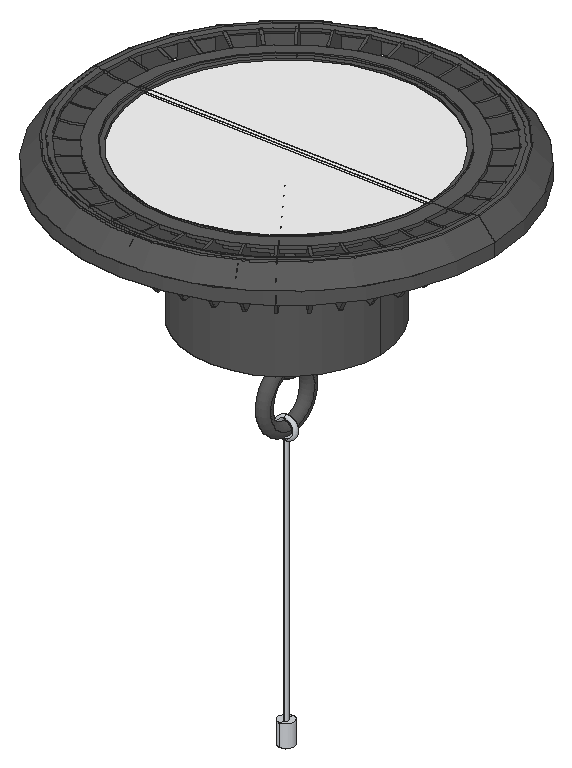
Revit family "0039365 Sylvania Lighting Fixture START HighBay IP65 DALI 13000lm 840 WB pendant", category Lighting Fixtures, host Face, Revit 2017
Family settings
  Host = Face
  Round Connector Dimension = Use Diameter
  Part Type = Normal
  OmniClass Number = 23.80.70.00
  OmniClass Title = Lighting
  Cut with Voids When Loaded = No
  Light Source = Yes
  Shared = No
  Room Calculation Point = No
Parameters (values of type "0039365 START HighBay IP65 DALI 13000lm 840 WB")
  WidthStraight_FEILO = if(SizeS_FEILO, 3 mm, if(SizeM_FEILO, 4 mm, 4.7 mm))  # 3 mm
  WidthRingChamfer_FEILO = if(SizeS_FEILO, 10.3 mm, if(SizeM_FEILO, 11.2 mm, 12.9 mm))  # 10.3 mm
  WidthCurved_FEILO = if(SizeS_FEILO, 17.4 mm, if(SizeM_FEILO, 16.4 mm, 26.2 mm))  # 17.4 mm
  WidthCurvedRing_FEILO = if(SizeS_FEILO, 3 mm, if(SizeM_FEILO, 4 mm, 4.7 mm))  # 3 mm
  WidthBracket_FEILO = 40 mm
  Weight = "3.0 kg"
  Wattage Comments = ""
  Wattage = 90 W
  WarrantyStartDate [instance] = "n/a"
  WarrantyGuarantorParts = "n/a"
  WarrantyDurationUnit = "n/a"
  WarrantyDurationParts = "n/a"
  WarrantyDescription = "n/a"
  built-in parameter 1150110 = 1 (stored number, unit not read)
  Voltage = 0 V
  VisibilityBracket_FEILO = no
  URL = "http://www.sylvania-lighting.com"
  TypeName = "START HighBay IP65 DALI 13000lm 840 WB"
  Type Image = <None>
  Type Comments = "n/a"
  built-in parameter 1114217 = 1 (stored number, unit not read)
  Tilt Angle = -90.00°
  ThicknessWall_FEILO = 1.5 mm
  ThicknessBracket_FEILO = 1.5 mm
  ThicknessBracketHalf_FEILO = ThicknessBracket_FEILO / 2  # 0.75 mm
  built-in parameter 1150109 = 1 (stored number, unit not read)
  built-in parameter 1150134 = 1
  SuspensionHeight_FEILO [instance] = 350 mm
  built-in parameter 1150113 = 1 (stored number, unit not read)
  SizeS_FEILO = yes
  SizeM_FEILO = no
  SerialNumber [instance] = "n/a"
  Rib4_FEILO = if(SizeS_FEILO, 18.1 mm, if(SizeM_FEILO, 13.6 mm, 14.6 mm))  # 18.1 mm
  Rib3_FEILO = if(SizeS_FEILO, 15.3 mm, if(SizeM_FEILO, 17.6 mm, 20.2 mm))  # 15.3 mm
  Rib2_FEILO = if(SizeS_FEILO, 3.6 mm, if(SizeM_FEILO, 3.9 mm, 4.5 mm))  # 3.6 mm
  Rib1_FEILO = if(SizeS_FEILO, 15.1 mm, if(SizeM_FEILO, 16.5 mm, 19 mm))  # 15.1 mm
  RadiusDiffuser_FEILO = if(SizeS_FEILO, 95.2 mm, if(SizeM_FEILO, 105.3 mm, 120 mm))  # 95.2 mm
  RadiusArrayPost_FEILO = DriverRadius_FEILO - 6 mm  # 55.4 mm
  RHRadius3_FEILO = if(SizeS_FEILO, 6.6 mm, if(SizeM_FEILO, 7.4 mm, 8.6 mm))  # 6.6 mm
  RHRadius2_FEILO = if(SizeS_FEILO, 11 mm, if(SizeM_FEILO, 12 mm, 14 mm))  # 11 mm
  RHRadius1_FEILO = if(SizeS_FEILO, 13.6 mm, if(SizeM_FEILO, 14.9 mm, 17.7 mm))  # 13.6 mm
  RHHeight4_FEILO = if(SizeS_FEILO, 7.3 mm, if(SizeM_FEILO, 8 mm, 9.2 mm))  # 7.3 mm
  RHHeight3_FEILO = if(SizeS_FEILO, 3.6 mm, if(SizeM_FEILO, 3.7 mm, 4.6 mm))  # 3.6 mm
  RHHeight2_FEILO = if(SizeS_FEILO, 2 mm, if(SizeM_FEILO, 2.2 mm, 2.6 mm))  # 2 mm
  RHHeight1_FEILO = if(SizeS_FEILO, 11.8 mm, if(SizeM_FEILO, 15.3 mm, 17.4 mm))  # 11.8 mm
  Photometric Web File = "0039365.ies"
  Material_3_FEILO = LED-Sylvania-StartHighbay-Glow
  PowerFactor = 0.95
  PowerConsumption = "90 W"
  NominalLength = 270 mm
  NominalHeight = 175 mm
  NominalDepth = 270 mm
  Name = "START HighBay IP65 DALI 13000lm 840 WB"
  ModelReference = Name  # "START HighBay IP65 DALI 13000lm 840 WB"
  ModelNumber = "0039365"
  Model = Name  # "START HighBay IP65 DALI 13000lm 840 WB"
  Material = "aluminium alloy housing, polycarbonate diffuser"
  ManufacturerName = "Feilo Sylvania"
  Manufacturer = "Feilo Sylvania"
  LuminousEfficacy = "130 lm/W"
  built-in parameter 1150105 = 931.06 (stored number, unit not read)
  Lumens = 11700 lm
  LuminaireType = ""
  built-in parameter 1150115 = 1 (stored number, unit not read)
  LightOutputRatio = "n/a"
  built-in parameter 1150137 = (empty or 0)
  built-in parameter 1150139 = (empty or 0)
  LampsType = Lamp  # "LED"
  LampNominalLuminous = "11700 lm"
  LampMacAdamStep = "6"
  LampColourTemperature = "6500 K"
  LampColourRenderingIndex = "80"
  built-in parameter 1150112 = 1 (stored number, unit not read)
  built-in parameter 1150114 = 1 (stored number, unit not read)
  Lamp = "LED"
  Keynote = "16500"
  InstallationDate [instance] = "n/a"
  InputVoltage = "n/a"
  InputNominalFrequency = "50/60 Hz"
  built-in parameter 1150132 = (empty or 0)
  built-in parameter 1150102 = (empty or 0)
  built-in parameter 1150107 = 6500 (stored number, unit not read)
  built-in parameter 1150138 = (empty or 0)
  IngressProtection = "IP65"
  ImpactProtectionIndex = "IK08"
  built-in parameter 1150106 = 9.3106 (stored number, unit not read)
  IfcExportType = "IfcLightFixtureType"
  IfcExportAs = "IfcLightFixtureType"
  HeightRing_FEILO = if(SizeS_FEILO, 19.8 mm, if(SizeM_FEILO, 32 mm, 36.8 mm))  # 19.8 mm
  HeightRingChamfer_FEILO = if(SizeS_FEILO, 11.7 mm, if(SizeM_FEILO, 23.2 mm, 26.6 mm))  # 11.7 mm
  EyeThickness_FEILO = if(SizeS_FEILO, 8.4 mm, if(SizeM_FEILO, 9.2 mm, 10.5 mm))  # 8.4 mm
  EyeThicknessHalf_FEILO = EyeThickness_FEILO / 2  # 4.2 mm
  EyeInner_FEILO = if(SizeS_FEILO, 13.8 mm, if(SizeM_FEILO, 15.1 mm, 17.3 mm))  # 13.8 mm
  ExpectedLife = 50000
  Emit from Circle Diameter = RadiusDiffuser_FEILO * 2  # 190.4 mm
  Emit Shape Visible in Rendering = no
  ElectricShockClassification = "Class I"
  built-in parameter 1150104 = 12.077 (stored number, unit not read)
  DurationUnit = "hours"
  DriverVerticalStraight_FEILO = if(SizeS_FEILO, 46.5 mm, if(SizeM_FEILO, 49.7 mm, 57 mm))  # 46.5 mm
  DriverVerticalChamfer_FEILO = if(SizeS_FEILO, 7.5 mm, if(SizeM_FEILO, 8.2 mm, 9.5 mm))  # 7.5 mm
  DriverRadius_FEILO = if(SizeS_FEILO, 61.4 mm, if(SizeM_FEILO, 67.2 mm, 76.4 mm))  # 61.4 mm
  DriverRadiusTop_FEILO = if(SizeS_FEILO, 42 mm, if(SizeM_FEILO, 45.3 mm, 52.4 mm))  # 42 mm
  DriverBottom_FEILO = if(SizeS_FEILO, 56 mm, if(SizeM_FEILO, 64.5 mm, 74 mm))  # 56 mm
  DocumentationLiterature = "http://www.sylvania-lighting.com/product/en-int/products/0039365"
  DimmingControlOptions = "Dimmable"
  Material_2_FEILO = Diffuser-Sylvania-StartHighbay-Transparent
  Radius_FEILO = if(SizeS_FEILO, 135 mm, if(SizeM_FEILO, 148 mm, 169.5 mm))  # 135 mm
  Dimming Lamp Color Temperature Shift = <None>
  DiameterWire_FEILO = 3 mm
  DiameterWireSupport_FEILO = 10 mm
  Description = "START Highbay, includes 1 m cables, black aluminium housing, 11,700 Lm, 90 W, 130 Lm/W, 6500 K, drive current: 2000 mA, CRI 80, 90° beam angle, DALI dimmable, IP65, IK08, 50,000 hrs (L80/B50), (D x H) 270 x 175 mm."
  Default Elevation = 1219.2 mm
  CreatedOn = "5/15/2018"
  CreatedBy = ""
  Cost = 0
  Color Filter = 16777215
  built-in parameter 1114216 [instance] = (empty or 0)
  ClassificationValue = "EF_70_80"
  ClassificationName = "Uniclass2015"
  Material_1_FEILO = Body-Sylvania-StartHighbay-Black
  BarCode [instance] = "n/a"
  built-in parameter 1114218 = 1 (stored number, unit not read)
  built-in parameter 1150133 = 10 (stored number, unit not read)
  AssetType = "Fixed"
  AssetIdentifier [instance] = "n/a"
  Assembly Code = "D5020200"
  Apparent Load = 90 VA
  Material_4_FEILO = none
Reference planes
  plane 1 "Center (Front/Back)": y = 0
  plane 2: z = 0
  plane 3 "Center (Left/Right)": x = 0
  plane 4: z = 350
  plane 5: x = -135
  plane 6: x = -124.7
  plane 7: z = 338.3
  plane 8: z = 330.2
  plane 9: x = -121.7
  plane 10: z = 347.375
  plane 11: x = -104.3
  plane 12: x = -95.2
  plane 13: x = -118.7
  plane 14: z = 348.375
  plane 15: z = 346.375
  plane 16: x = -92.2
  plane 17: z = 345.375
  plane 18: x = -133.5
  plane 19: x = -119.9
  plane 20: z = 326.6
  plane 21: x = -104.6
  plane 22: z = 308.5
  plane 23: x = -20
  plane 24: z = 294
  plane 25: x = -61.4
  plane 26: z = 247.5
  plane 27: x = -42
  plane 28: z = 240
  plane 29: x = -13.6
  plane 30: z = 228.2
  plane 31: z = 226.2
  plane 32: x = -11
  plane 33: z = 222.6
  plane 34: z = 215.3
  plane 35: x = -6.6
  plane 36: z = 201.5
  plane 37: z = 187.7
  plane 38: x = 4.2
  plane 39: x = -4.2
  plane 40: z = 179.3
  plane 41: z = 183.5
  plane 42: x = -129.1
  plane 43: x = -132.5
  plane 44: z = 328.7
  plane 45: x = -123.2
  plane 46: z = 270.75
  plane 47: y = -20
  plane 48: y = 20
  plane 49: x = 135
  plane 50: x = 124.7
  plane 51: x = 133.5
  plane 52: x = 129.1
  plane 53: x = 132.5
  plane 54: x = 123.2
  plane 55: z = 190.7
  plane 56: y = 1.5
  plane 57: y = -1.5
  plane 58: z = 189.2
  plane 59: z = 177.8
  plane 60: z = 176.3
  plane 61: y = -5
  plane 62: y = 5
  plane 63: z = 14
Forms (mm)
  Revolve 1, solid, material "Body-Sylvania-StartHighbay-Black" <- "Material_1_FEILO", detail levels medium+fine
    sketch origin (0, 0, 0) x (1, 0, 0) y (0, 0, 1)
      loop
        line (-135, 330.2) -> (-133.5, 330.2) -> (-133.5, 337.734) -> (-125.012, 347.375) -> (-118.7, 347.375) -> (-118.7, 349.16)
        arc (-118.7, 349.16) -> (-120.206, 349.56) -> (-121.7, 350) r 58.981
        line (-121.7, 350) -> (-124.241, 350)
        arc (-124.241, 350) -> (-124.657, 349.911) -> (-124.999, 349.66) r 1.015
        line (-124.999, 349.66) -> (-135, 338.3) -> (-135, 330.2)
      axis (0, 350) -> (0, 330.2)
    angle from 360 to 0
  Revolve 2, solid, material "Body-Sylvania-StartHighbay-Black" <- "Material_1_FEILO", detail levels medium+fine
    sketch origin (0, 0, 0) x (1, 0, 0) y (0, 0, 1)
      loop
        line (-104.3, 345.375) -> (-95.2, 345.375) -> (-95.2, 338.3) -> (0, 338.3) -> (0, 345.375) -> (-92.2, 345.375) -> (-92.2, 346.375) -> (-95.2, 346.375) -> (-95.2, 347.375) -> (-104.3, 347.375) -> (-104.3, 345.375)
      axis (0, 347.375) -> (0, 338.3)
    angle from 360 to 0
  Revolve 3, solid, material "Diffuser-Sylvania-StartHighbay-Transparent" <- "Material_2_FEILO", detail levels medium+fine
    sketch origin (0, 0, 0) x (1, 0, 0) y (0, 0, 1)
      loop
        line (-95.2, 346.375) -> (0, 346.375) -> (0, 348.375) -> (-95.2, 348.375) -> (-95.2, 346.375)
      axis (0, 348.375) -> (0, 346.375)
    angle from 360 to 0
  Revolve 4, solid, material "Body-Sylvania-StartHighbay-Black" <- "Material_1_FEILO"
    sketch origin (0, 0, 0) x (1, 0, 0) y (0, 0, 1)
      loop
        line (-61.4, 308.5) -> (-61.4, 247.5) -> (-42, 240) -> (-13.6, 240) -> (-13.6, 228.2) -> (-11, 226.2) -> (-11, 222.6) -> (-7.037, 216.026)
        arc (-7.037, 216.026) -> (-6.49, 215.494) -> (-5.753, 215.3) r 1.5
        line (-5.753, 215.3) -> (0, 215.3) -> (0, 308.5) -> (-61.4, 308.5)
      axis (0, 308.5) -> (0, 215.3)
    angle from 360 to 0
  Revolve 5, solid, material "Body-Sylvania-StartHighbay-Black" <- "Material_1_FEILO"
    sketch origin (0, 0, 0) x (1, 0, 0) y (0, 0, 1)
      loop
        circle (0, 183.5) r 4.2
      axis (4.2, 201.5) -> (-4.2, 201.5)
    angle from 360 to 0
  Extrusion 6, solid, material "Body-Sylvania-StartHighbay-Black" <- "Material_1_FEILO", visible <- "VisibilityBracket_FEILO"
    sketch origin (0, 0, 0) x (1, 0, 0) y (0, 0, 1)
      loop
        line (-132.5, 330.2) -> (-132.5, 328.7) -> (-125.45, 328.7)
        arc (-125.45, 328.7) -> (-124.92, 328.48) -> (-124.7, 327.95) r 0.75
        line (-124.7, 327.95) -> (-124.7, 270.75) -> (-123.2, 270.75) -> (-123.2, 328.7)
        arc (-123.2, 328.7) -> (-123.639, 329.761) -> (-124.7, 330.2) r 1.5
        line (-124.7, 330.2) -> (-132.5, 330.2)
      loop
        line (132.5, 330.2) -> (124.7, 330.2)
        arc (124.7, 330.2) -> (123.639, 329.761) -> (123.2, 328.7) r 1.5
        line (123.2, 328.7) -> (123.2, 270.75) -> (124.7, 270.75) -> (124.7, 327.95)
        arc (124.7, 327.95) -> (124.92, 328.48) -> (125.45, 328.7) r 0.75
        line (125.45, 328.7) -> (132.5, 328.7) -> (132.5, 330.2)
    from -20 to 20
  Extrusion 7, void
    sketch origin (0, 0, 0) x (0, 1, 0) y (0, 0, 1)
      loop
        arc (-10, 270.75) -> (-17.071, 273.679) -> (-20, 280.75) r 10
        line (-20, 280.75) -> (-25, 280.75) -> (-25, 265.75) -> (-10, 265.75) -> (-10, 270.75)
      loop
        line (10, 270.75) -> (10, 265.75) -> (25, 265.75) -> (25, 280.75) -> (20, 280.75)
        arc (20, 280.75) -> (17.071, 273.679) -> (10, 270.75) r 10
    from -124.7 to 124.7
  Revolve 8, solid, material "Body-Sylvania-StartHighbay-Black" <- "Material_1_FEILO", detail levels coarse
    sketch origin (0, 0, 0) x (1, 0, 0) y (0, 0, 1)
      loop
        line (0, 350) -> (-124.7, 350) -> (-135, 338.3) -> (-135, 330.2) -> (-119.9, 330.2) -> (-119.9, 326.6) -> (-104.6, 308.5) -> (0, 308.5) -> (0, 350)
      axis (0, 350) -> (0, 308.5)
    angle from 360 to 0
  Revolve 9, solid
    sketch origin (0, 0, 0) x (0, 1, 0) y (0, 0, 1)
      loop
        circle (0, 189.2) r 1.5
      axis (1.5, 183.5) -> (-1.5, 183.5)
    angle from 360 to 0
  Revolve 10, solid
    sketch origin (0, 0, 0) x (0, 1, 0) y (0, 0, 1)
      loop
        line (0, 0) -> (0, 177.8) -> (-1.5, 177.8) -> (-1.5, 14) -> (-5, 14) -> (-5, 0) -> (0, 0)
      axis (0, 0) -> (0, 177.8)
    angle from 360 to 0
Cuts and joins
  Extrusion 7 cuts Extrusion 6
Lines and regions (mm)
  reference lines
    curve 1: line (-135, 0, 338.3) -> (-124.7, 0, 350)
    curve 2: line (-104.3, 0, 347.375) -> (0, 0, 347.375)
    curve 3: arc (-104.3, 0, 347.375) -> (-113.098, 0, 348.035) -> (-121.7, 0, 350) r 58.981
    curve 4: line (-124.7, 0, 350) -> (-121.7, 0, 350)
    curve 5: line (-125.012, 0, 347.375) -> (-133.5, 0, 337.734)
    curve 6: line (-119.9, 0, 326.6) -> (-104.6, 0, 308.5)
    curve 7: line (-11, 0, 222.6) -> (-6.6, 0, 215.3)
    curve 8: circle (0, 0, 183.5) r 4.2 normal (0, -1, 0)
Dimensions and locks
  "Radius_FEILO": plane 3 "Center (Left/Right)" to plane 5
  "WidthRingChamfer_FEILO": plane 6 to plane 5
  "WidthStraight_FEILO": plane 9 to plane 6
  "WidthCurvedRing_FEILO": plane 13 to plane 9
  locked: plane 10 to plane 15 at 1
  locked: plane 14 to plane 10 at 1
  locked: plane 4 to plane 10 at 2.625
  locked: plane 15 to plane 17 at 1
  "ThicknessWall_FEILO": plane 18 to plane 5
  "ThicknessWall_FEILO": curve 5 to curve 1
  "HeightRingChamfer_FEILO": plane 4 to plane 7
  "HeightRing_FEILO": plane 4 to plane 8
  "RadiusDiffuser_FEILO": plane 3 "Center (Left/Right)" to plane 12
  locked: plane 16 to plane 12 at 3
  "WidthCurved_FEILO": plane 11 to plane 9
  "SuspensionHeight_FEILO": plane 4 to plane 2
  "Rib1_FEILO": plane 19 to plane 5
  "Rib2_FEILO": plane 8 to plane 20
  "Rib3_FEILO": plane 21 to plane 19
  "Rib4_FEILO": plane 20 to plane 22
  locked: plane 3 "Center (Left/Right)" to plane 23 at 20
  "DriverBottom_FEILO": plane 4 to plane 24
  "DriverRadius_FEILO": plane 3 "Center (Left/Right)" to plane 25
  "DriverVerticalStraight_FEILO": plane 24 to plane 26
  "DriverRadiusTop_FEILO": plane 3 "Center (Left/Right)" to plane 27
  "DriverVerticalChamfer_FEILO": plane 26 to plane 28
  "RHRadius1_FEILO": plane 3 "Center (Left/Right)" to plane 29
  "RHHeight2_FEILO": plane 30 to plane 31
  "RHRadius2_FEILO": plane 3 "Center (Left/Right)" to plane 32
  "RHHeight3_FEILO": plane 31 to plane 33
  "RHHeight4_FEILO": plane 33 to plane 34
  "RHRadius3_FEILO": plane 3 "Center (Left/Right)" to plane 35
  "RHHeight1_FEILO": plane 28 to plane 30
  "EyeInner_FEILO": plane 34 to plane 36
  "EyeInner_FEILO": plane 36 to plane 37
  equal spacing: plane 38, plane 3 "Center (Left/Right)", plane 39
  "EyeThickness_FEILO": plane 38 to plane 39
  "EyeThickness_FEILO": plane 37 to plane 40
  equal spacing: plane 37, plane 41, plane 40
  equal spacing: plane 6, plane 42, plane 18
  "ThicknessBracket_FEILO": plane 45 to plane 6
  "ThicknessBracket_FEILO": plane 8 to plane 44
  locked: plane 43 to plane 18 at 1
  equal spacing: plane 24, plane 46, plane 26
  equal spacing: plane 47, plane 1 "Center (Front/Back)", plane 48
  "WidthBracket_FEILO": plane 47 to plane 48
  "WidthRingChamfer_FEILO": plane 50 to plane 49
  "ThicknessWall_FEILO": plane 51 to plane 49
  equal spacing: plane 50, plane 52, plane 51
  "ThicknessBracket_FEILO": plane 54 to plane 50
  locked: plane 53 to plane 51 at 1
  "Radius_FEILO": plane 49 to plane 3 "Center (Left/Right)"
  equal spacing: plane 57, imposter light, plane 56
  "DiameterWire_FEILO": plane 57 to plane 56
  "DiameterWire_FEILO": plane 37 to plane 55
  equal spacing: plane 37, plane 58, plane 55
  "DiameterWire_FEILO": plane 60 to plane 40
  equal spacing: plane 60, plane 59, plane 40
  equal spacing: plane 61, plane 1 "Center (Front/Back)", plane 62
  "DiameterWireSupport_FEILO": plane 61 to plane 62
  locked: plane 63 to plane 2 at 14
  "EyeThicknessHalf_FEILO": radius of curve 8
  "ThicknessBracket_FEILO": radius of Extrusion 6 sketch curve  (x2)
  "ThicknessBracketHalf_FEILO": radius of Extrusion 6 sketch curve  (x2)
  "DiameterWire_FEILO": diameter of Revolve 9 sketch curve
  aligned and locked: plane 2 to host face
  aligned and locked: level to host face
  aligned and locked: plane 5 to curve 1
  aligned and locked: plane 6 to curve 1
  aligned and locked: plane 7 to curve 1
  aligned and locked: plane 10 to curve 2
  aligned and locked: plane 9 to curve 3
  aligned and locked: plane 4 to curve 3
  aligned and locked: plane 11 to curve 3
  aligned and locked: plane 4 to curve 4
  aligned and locked: plane 18 to curve 5
  aligned and locked: plane 10 to curve 5
  aligned and locked: Revolve 1 sketch curve to plane 3 "Center (Left/Right)"
  aligned and locked: Revolve 1 sketch curve to curve 3
  aligned and locked: Revolve 1 sketch curve to curve 1
  aligned and locked: plane 4 to Revolve 1 sketch curve
  aligned and locked: plane 9 to Revolve 1 sketch curve
  aligned and locked: Revolve 1 sketch curve to plane 13
  aligned and locked: Revolve 1 sketch curve to plane 10
  aligned and locked: plane 13 to Revolve 1 sketch curve
  aligned and locked: plane 10 to Revolve 1 sketch curve
  aligned and locked: Revolve 1 sketch curve to plane 18
  aligned and locked: Revolve 1 sketch curve to plane 8
  aligned and locked: plane 5 to Revolve 1 sketch curve  (x2)
  aligned and locked: Revolve 2 sketch curve to plane 3 "Center (Left/Right)"
  aligned and locked: plane 11 to Revolve 2 sketch curve
  aligned and locked: Revolve 2 sketch curve to curve 2
  aligned and locked: plane 15 to Revolve 2 sketch curve
  aligned and locked: Revolve 2 sketch curve to plane 16
  aligned and locked: plane 17 to Revolve 2 sketch curve  (x2)
  aligned and locked: Revolve 2 sketch curve to plane 12
  aligned and locked: plane 7 to Revolve 2 sketch curve
  aligned and locked: Revolve 3 sketch curve to plane 3 "Center (Left/Right)"
  aligned and locked: Revolve 3 sketch curve to plane 14
  aligned and locked: plane 3 "Center (Left/Right)" to Revolve 3 sketch curve
  aligned and locked: Revolve 3 sketch curve to plane 12
  aligned and locked: plane 15 to Revolve 3 sketch curve
  aligned and locked: Revolve 1 sketch curve to curve 5
  aligned and locked: plane 22 to curve 6
  aligned and locked: plane 21 to curve 6
  aligned and locked: plane 20 to curve 6
  aligned and locked: plane 19 to curve 6
  aligned and locked: plane 33 to curve 7
  aligned and locked: plane 32 to curve 7
  aligned and locked: plane 35 to curve 7
  aligned and locked: plane 34 to curve 7
  aligned and locked: Revolve 4 sketch curve to plane 3 "Center (Left/Right)"
  aligned and locked: Revolve 4 sketch curve to plane 25
  aligned and locked: plane 27 to Revolve 4 sketch curve
  aligned and locked: plane 28 to Revolve 4 sketch curve
  aligned and locked: plane 30 to Revolve 4 sketch curve
  aligned and locked: Revolve 4 sketch curve to plane 29
  aligned and locked: plane 31 to Revolve 4 sketch curve
  aligned and locked: Revolve 4 sketch curve to curve 7
  aligned and locked: Revolve 4 sketch curve to plane 32
  aligned and locked: plane 34 to Revolve 4 sketch curve
  aligned and locked: plane 3 "Center (Left/Right)" to Revolve 4 sketch curve
  aligned and locked: plane 3 "Center (Left/Right)" to curve 8
  aligned and locked: plane 41 to curve 8
  aligned and locked: Revolve 5 sketch curve to plane 36
  aligned and locked: Revolve 5 sketch curve to curve 8
  aligned and locked: plane 43 to Extrusion 6 sketch curve  (x2)
  aligned and locked: plane 8 to Extrusion 6 sketch curve  (x3)
  aligned and locked: Extrusion 6 sketch curve to plane 45
  aligned and locked: Extrusion 6 sketch curve to plane 46  (x2)
  aligned and locked: plane 6 to Extrusion 6 sketch curve
  aligned and locked: Extrusion 6 sketch curve to plane 44  (x2)
  aligned and locked: Extrusion 6 to plane 48
  aligned and locked: plane 47 to Extrusion 6
  aligned and locked: plane 53 to Extrusion 6 sketch curve
  aligned and locked: plane 50 to Extrusion 6 sketch curve
  aligned and locked: Extrusion 6 sketch curve to plane 54
  aligned and locked: Extrusion 7 sketch curve to Extrusion 7 sketch curve
  aligned and locked: Extrusion 7 to plane 6
  aligned and locked: Extrusion 7 to Extrusion 6
  aligned and locked: Revolve 4 sketch curve to plane 22
  aligned and locked: plane 23 to nested 1
  aligned and locked: plane 1 "Center (Front/Back)" to nested 1
  aligned and locked: Revolve 8 sketch curve to plane 3 "Center (Left/Right)"
  aligned and locked: Revolve 8 sketch curve to plane 4
  aligned and locked: plane 6 to Revolve 8 sketch curve
  aligned and locked: plane 4 to Revolve 8 sketch curve
  aligned and locked: plane 7 to Revolve 8 sketch curve
  aligned and locked: Revolve 8 sketch curve to plane 5
  aligned and locked: plane 8 to Revolve 8 sketch curve  (x2)
  aligned and locked: Revolve 8 sketch curve to plane 19
  aligned and locked: plane 20 to Revolve 8 sketch curve
  aligned and locked: plane 19 to Revolve 8 sketch curve
  aligned and locked: plane 21 to Revolve 8 sketch curve
  aligned and locked: plane 22 to Revolve 8 sketch curve  (x2)
  aligned and locked: Revolve 8 sketch curve to Revolve 8 sketch curve
  aligned and locked: imposter light to plane 4
  aligned and locked: plane 3 "Center (Left/Right)" to imposter light
  aligned and locked: imposter light to plane 1 "Center (Front/Back)"
  aligned and locked: Revolve 9 sketch curve to plane 41
  aligned and locked: Revolve 10 sketch curve to plane 1 "Center (Front/Back)"
  aligned and locked: plane 1 "Center (Front/Back)" to Revolve 10 sketch curve  (x2)
  aligned and locked: host face to Revolve 10 sketch curve
  aligned and locked: plane 63 to Revolve 10 sketch curve
  aligned and locked: Revolve 10 sketch curve to plane 61
  aligned and locked: Revolve 10 sketch curve to plane 57
  aligned and locked: plane 59 to Revolve 10 sketch curve
Automatic sketch dimensions
  host sketch curve to host sketch curve = 2438.4 mm  (x2)
  curve 2 to plane 3 "Center (Left/Right)" = 0 mm
  Revolve 1 sketch curve to plane 6 = 0.299 mm
  plane 6 to Revolve 1 sketch curve = 0.459 mm
  Revolve 1 sketch curve to level = 609.6 mm
  Revolve 1 sketch curve to Revolve 1 sketch curve = 2312.223 mm
  Revolve 2 sketch curve to plane 12 = 0 mm
  Revolve 2 sketch curve to plane 3 "Center (Left/Right)" = 0 mm
  Revolve 2 sketch curve to level = 609.6 mm
  Revolve 2 sketch curve to plane 4 = 2339.058 mm
  Revolve 3 sketch curve to level = 609.6 mm
  Revolve 3 sketch curve to plane 4 = 2339.058 mm
  Revolve 5 sketch curve to plane 5 = 1080 mm
  plane 38 to Revolve 5 sketch curve = 1219.2 mm
  Extrusion 7 sketch curve to plane 47 = 0 mm
  plane 46 to Extrusion 7 sketch curve = 0 mm  (x2)
  Extrusion 7 sketch curve to plane 48 = 0 mm
  plane 47 to Extrusion 7 sketch curve = 5 mm
  plane 1 "Center (Front/Back)" to Extrusion 7 sketch curve = 10 mm
  Extrusion 7 sketch curve to Extrusion 7 sketch curve = 10 mm
  plane 46 to Extrusion 7 sketch curve = 5 mm
  Extrusion 7 sketch curve to Extrusion 7 sketch curve = 5 mm
  Extrusion 7 sketch curve to plane 48 = 5 mm
  Revolve 4 sketch curve to plane 26 = 0 mm
  Revolve 4 sketch curve to plane 35 = 0.437 mm
  plane 35 to Revolve 4 sketch curve = 0.847 mm
  Revolve 4 sketch curve to plane 34 = 0.726 mm
  plane 40 to Revolve 4 sketch curve = 590.2 mm
  Revolve 4 sketch curve to plane 4 = 2339.058 mm
  Revolve 8 sketch curve to level = 609.6 mm
  Revolve 8 sketch curve to Revolve 8 sketch curve = 2386.058 mm
  Revolve 9 sketch curve to plane 1 "Center (Front/Back)" = 0 mm
  plane 58 to Revolve 9 sketch curve = 0 mm
  plane 47 to Revolve 9 sketch curve = 2534.941 mm
  Revolve 9 sketch curve to plane 48 = 2077.409 mm
  Revolve 10 sketch curve to Revolve 10 sketch curve = 609.6 mm
  Revolve 10 sketch curve to plane 4 = 2123.807 mm
Nested families
  nested 1: "Start Highbay Rib" at (0, 0, 347.375), type "Type Name", detail levels medium+fine
    with SuspensionHeight_FEILO 2.6 mm
  nested 2: "Start Highbay Rib" at (0, 0, 347.375) x (0.9877, 0.1564, 0) z (0, 0, 1), type "Type Name", detail levels medium+fine
    with SuspensionHeight_FEILO 2.6 mm
  nested 3: "Start Highbay Rib" at (0, 0, 347.375) x (0.9511, 0.309, 0) z (0, 0, 1), type "Type Name", detail levels medium+fine
    with SuspensionHeight_FEILO 2.6 mm
  nested 4: "Start Highbay Rib" at (0, 0, 347.375) x (0.891, 0.454, 0) z (0, 0, 1), type "Type Name", detail levels medium+fine
    with SuspensionHeight_FEILO 2.6 mm
  nested 5: "Start Highbay Rib" at (0, 0, 347.375) x (0.809, 0.5878, 0) z (0, 0, 1), type "Type Name", detail levels medium+fine
    with SuspensionHeight_FEILO 2.6 mm
  nested 6: "Start Highbay Rib" at (0, 0, 347.375) x (0.7071, 0.7071, 0) z (0, 0, 1), type "Type Name", detail levels medium+fine
    with SuspensionHeight_FEILO 2.6 mm
  nested 7: "Start Highbay Rib" at (0, 0, 347.375) x (0.5878, 0.809, 0) z (0, 0, 1), type "Type Name", detail levels medium+fine
    with SuspensionHeight_FEILO 2.6 mm
  nested 8: "Start Highbay Rib" at (0, 0, 347.375) x (0.454, 0.891, 0) z (0, 0, 1), type "Type Name", detail levels medium+fine
    with SuspensionHeight_FEILO 2.6 mm
  nested 9: "Start Highbay Rib" at (0, 0, 347.375) x (0.309, 0.9511, 0) z (0, 0, 1), type "Type Name", detail levels medium+fine
    with SuspensionHeight_FEILO 2.6 mm
  nested 10: "Start Highbay Rib" at (0, 0, 347.375) x (0.1564, 0.9877, 0) z (0, 0, 1), type "Type Name", detail levels medium+fine
    with SuspensionHeight_FEILO 2.6 mm
  nested 11: "Start Highbay Rib" at (0, 0, 347.375) x (0, 1, 0) z (0, 0, 1), type "Type Name", detail levels medium+fine
    with SuspensionHeight_FEILO 2.6 mm
  nested 12: "Start Highbay Rib" at (0, 0, 347.375) x (-0.1564, 0.9877, 0) z (0, 0, 1), type "Type Name", detail levels medium+fine
    with SuspensionHeight_FEILO 2.6 mm
  nested 13: "Start Highbay Rib" at (0, 0, 347.375) x (-0.309, 0.9511, 0) z (0, 0, 1), type "Type Name", detail levels medium+fine
    with SuspensionHeight_FEILO 2.6 mm
  nested 14: "Start Highbay Rib" at (0, 0, 347.375) x (-0.454, 0.891, 0) z (0, 0, 1), type "Type Name", detail levels medium+fine
    with SuspensionHeight_FEILO 2.6 mm
  nested 15: "Start Highbay Rib" at (0, 0, 347.375) x (-0.5878, 0.809, 0) z (0, 0, 1), type "Type Name", detail levels medium+fine
    with SuspensionHeight_FEILO 2.6 mm
  nested 16: "Start Highbay Rib" at (0, 0, 347.375) x (-0.7071, 0.7071, 0) z (0, 0, 1), type "Type Name", detail levels medium+fine
    with SuspensionHeight_FEILO 2.6 mm
  nested 17: "Start Highbay Rib" at (0, 0, 347.375) x (-0.809, 0.5878, 0) z (0, 0, 1), type "Type Name", detail levels medium+fine
    with SuspensionHeight_FEILO 2.6 mm
  nested 18: "Start Highbay Rib" at (0, 0, 347.375) x (-0.891, 0.454, 0) z (0, 0, 1), type "Type Name", detail levels medium+fine
    with SuspensionHeight_FEILO 2.6 mm
  nested 19: "Start Highbay Rib" at (0, 0, 347.375) x (-0.9511, 0.309, 0) z (0, 0, 1), type "Type Name", detail levels medium+fine
    with SuspensionHeight_FEILO 2.6 mm
  nested 20: "Start Highbay Rib" at (0, 0, 347.375) x (-0.9877, 0.1564, 0) z (0, 0, 1), type "Type Name", detail levels medium+fine
    with SuspensionHeight_FEILO 2.6 mm
  nested 21: "Start Highbay Rib" at (0, 0, 347.375) x (-1, 0, 0) z (0, 0, 1), type "Type Name", detail levels medium+fine
    with SuspensionHeight_FEILO 2.6 mm
  nested 22: "Start Highbay Rib" at (0, 0, 347.375) x (-0.9877, -0.1564, 0) z (0, 0, 1), type "Type Name", detail levels medium+fine
    with SuspensionHeight_FEILO 2.6 mm
  nested 23: "Start Highbay Rib" at (0, 0, 347.375) x (-0.9511, -0.309, 0) z (0, 0, 1), type "Type Name", detail levels medium+fine
    with SuspensionHeight_FEILO 2.6 mm
  nested 24: "Start Highbay Rib" at (0, 0, 347.375) x (-0.891, -0.454, 0) z (0, 0, 1), type "Type Name", detail levels medium+fine
    with SuspensionHeight_FEILO 2.6 mm
  nested 25: "Start Highbay Rib" at (0, 0, 347.375) x (-0.809, -0.5878, 0) z (0, 0, 1), type "Type Name", detail levels medium+fine
    with SuspensionHeight_FEILO 2.6 mm
  nested 26: "Start Highbay Rib" at (0, 0, 347.375) x (-0.7071, -0.7071, 0) z (0, 0, 1), type "Type Name", detail levels medium+fine
    with SuspensionHeight_FEILO 2.6 mm
  nested 27: "Start Highbay Rib" at (0, 0, 347.375) x (-0.5878, -0.809, 0) z (0, 0, 1), type "Type Name", detail levels medium+fine
    with SuspensionHeight_FEILO 2.6 mm
  nested 28: "Start Highbay Rib" at (0, 0, 347.375) x (-0.454, -0.891, 0) z (0, 0, 1), type "Type Name", detail levels medium+fine
    with SuspensionHeight_FEILO 2.6 mm
  nested 29: "Start Highbay Rib" at (0, 0, 347.375) x (-0.309, -0.9511, 0) z (0, 0, 1), type "Type Name", detail levels medium+fine
    with SuspensionHeight_FEILO 2.6 mm
  nested 30: "Start Highbay Rib" at (0, 0, 347.375) x (-0.1564, -0.9877, 0) z (0, 0, 1), type "Type Name", detail levels medium+fine
    with SuspensionHeight_FEILO 2.6 mm
  nested 31: "Start Highbay Rib" at (0, 0, 347.375) x (0, -1, 0) z (0, 0, 1), type "Type Name", detail levels medium+fine
    with SuspensionHeight_FEILO 2.6 mm
  nested 32: "Start Highbay Rib" at (0, 0, 347.375) x (0.1564, -0.9877, 0) z (0, 0, 1), type "Type Name", detail levels medium+fine
    with SuspensionHeight_FEILO 2.6 mm
  nested 33: "Start Highbay Rib" at (0, 0, 347.375) x (0.309, -0.9511, 0) z (0, 0, 1), type "Type Name", detail levels medium+fine
    with SuspensionHeight_FEILO 2.6 mm
  nested 34: "Start Highbay Rib" at (0, 0, 347.375) x (0.454, -0.891, 0) z (0, 0, 1), type "Type Name", detail levels medium+fine
    with SuspensionHeight_FEILO 2.6 mm
  nested 35: "Start Highbay Rib" at (0, 0, 347.375) x (0.5878, -0.809, 0) z (0, 0, 1), type "Type Name", detail levels medium+fine
    with SuspensionHeight_FEILO 2.6 mm
  nested 36: "Start Highbay Rib" at (0, 0, 347.375) x (0.7071, -0.7071, 0) z (0, 0, 1), type "Type Name", detail levels medium+fine
    with SuspensionHeight_FEILO 2.6 mm
  nested 37: "Start Highbay Rib" at (0, 0, 347.375) x (0.809, -0.5878, 0) z (0, 0, 1), type "Type Name", detail levels medium+fine
    with SuspensionHeight_FEILO 2.6 mm
  nested 38: "Start Highbay Rib" at (0, 0, 347.375) x (0.891, -0.454, 0) z (0, 0, 1), type "Type Name", detail levels medium+fine
    with SuspensionHeight_FEILO 2.6 mm
  nested 39: "Start Highbay Rib" at (0, 0, 347.375) x (0.9511, -0.309, 0) z (0, 0, 1), type "Type Name", detail levels medium+fine
    with SuspensionHeight_FEILO 2.6 mm
  nested 40: "Start Highbay Rib" at (0, 0, 347.375) x (0.9877, -0.1564, 0) z (0, 0, 1), type "Type Name", detail levels medium+fine
    with SuspensionHeight_FEILO 2.6 mm
Connectors
  electrical at (0, 0, 0), driven by "Apparent Load", driven by "PowerFactor", driven by "Voltage"
    settings: index 1, voltage 0 V, apparent load 90 VA, apparent load phase1 0 VA, apparent load phase2 0 VA, apparent load phase3 0 VA, power factor 0.95, load classification "Lighting", number of poles 1, system type 30, power factor state 1, is connector primary yes, connector utility no, sub classification motor no, connector description ""
Definition of nested family "Start Highbay Rib"
  Parameters (values of type "Type Name")
    WidthStraight_FEILO = if(SizeS_FEILO, 3 mm, if(SizeM_FEILO, 4 mm, 4.7 mm))  # 3 mm
    WidthRingChamfer_FEILO = if(SizeS_FEILO, 10.3 mm, if(SizeM_FEILO, 11.2 mm, 12.9 mm))  # 10.3 mm
    WidthCurved_FEILO = if(SizeS_FEILO, 17.4 mm, if(SizeM_FEILO, 16.4 mm, 26.2 mm))  # 17.4 mm
    WidthCurvedRing_FEILO = if(SizeS_FEILO, 3 mm, if(SizeM_FEILO, 4 mm, 4.7 mm))  # 3 mm
    WidthBracket_FEILO = 40 mm
    URL = "http://www.feilosylvania.com"
    Type Image = (empty or 0)
    Type Comments = "n/a"
    ThicknessWall_FEILO = 1.5 mm
    ThicknessBracket_FEILO = 1.5 mm
    ThicknessBracketHalf_FEILO = ThicknessBracket_FEILO / 2  # 0.75 mm
    SuspensionHeight_FEILO [instance] = 2.6 mm
    SizeS_FEILO = yes
    SizeM_FEILO = no
    Rib4_FEILO = if(SizeS_FEILO, 18.1 mm, if(SizeM_FEILO, 13.6 mm, 14.6 mm))  # 18.1 mm
    Rib3_FEILO = if(SizeS_FEILO, 15.3 mm, if(SizeM_FEILO, 17.6 mm, 20.2 mm))  # 15.3 mm
    Rib2_FEILO = if(SizeS_FEILO, 3.6 mm, if(SizeM_FEILO, 3.9 mm, 4.5 mm))  # 3.6 mm
    Rib1_FEILO = if(SizeS_FEILO, 15.1 mm, if(SizeM_FEILO, 16.5 mm, 19 mm))  # 15.1 mm
    RadiusRib_FEILO = 2 mm
    RadiusDiffuser_FEILO = if(SizeS_FEILO, 95.2 mm, if(SizeM_FEILO, 105.3 mm, 120 mm))  # 95.2 mm
    RHRadius3_FEILO = if(SizeS_FEILO, 6.6 mm, if(SizeM_FEILO, 7.4 mm, 8.6 mm))  # 6.6 mm
    RHRadius2_FEILO = if(SizeS_FEILO, 11 mm, if(SizeM_FEILO, 12 mm, 14 mm))  # 11 mm
    RHRadius1_FEILO = if(SizeS_FEILO, 13.6 mm, if(SizeM_FEILO, 14.9 mm, 17.7 mm))  # 13.6 mm
    RHHeight4_FEILO = if(SizeS_FEILO, 7.3 mm, if(SizeM_FEILO, 8 mm, 9.2 mm))  # 7.3 mm
    RHHeight3_FEILO = if(SizeS_FEILO, 3.6 mm, if(SizeM_FEILO, 3.7 mm, 4.6 mm))  # 3.6 mm
    RHHeight2_FEILO = if(SizeS_FEILO, 2 mm, if(SizeM_FEILO, 2.2 mm, 2.6 mm))  # 2 mm
    RHHeight1_FEILO = if(SizeS_FEILO, 11.8 mm, if(SizeM_FEILO, 15.3 mm, 17.4 mm))  # 11.8 mm
    Material_3_FEILO = none
    Model = ""
    Manufacturer = "Feilo Sylvania"
    Keynote = "16500"
    HeightRing_FEILO = if(SizeS_FEILO, 19.8 mm, if(SizeM_FEILO, 32 mm, 36.8 mm))  # 19.8 mm
    HeightRingChamfer_FEILO = if(SizeS_FEILO, 11.7 mm, if(SizeM_FEILO, 23.2 mm, 26.6 mm))  # 11.7 mm
    EyeThickness_FEILO = if(SizeS_FEILO, 8.4 mm, if(SizeM_FEILO, 9.2 mm, 10.5 mm))  # 8.4 mm
    EyeThicknessHalf_FEILO = EyeThickness_FEILO / 2  # 4.2 mm
    EyeInner_FEILO = if(SizeS_FEILO, 13.8 mm, if(SizeM_FEILO, 15.1 mm, 17.3 mm))  # 13.8 mm
    DriverVerticalStraight_FEILO = if(SizeS_FEILO, 46.5 mm, if(SizeM_FEILO, 49.7 mm, 57 mm))  # 46.5 mm
    DriverVerticalChamfer_FEILO = if(SizeS_FEILO, 7.5 mm, if(SizeM_FEILO, 8.2 mm, 9.5 mm))  # 7.5 mm
    DriverRadius_FEILO = if(SizeS_FEILO, 61.4 mm, if(SizeM_FEILO, 67.2 mm, 76.4 mm))  # 61.4 mm
    DriverRadiusTop_FEILO = if(SizeS_FEILO, 42 mm, if(SizeM_FEILO, 45.3 mm, 52.4 mm))  # 42 mm
    DriverBottom_FEILO = if(SizeS_FEILO, 56 mm, if(SizeM_FEILO, 64.5 mm, 74 mm))  # 56 mm
    Material_2_FEILO = none
    Radius_FEILO = if(SizeS_FEILO, 135 mm, if(SizeM_FEILO, 148 mm, 169.5 mm))  # 135 mm
    Description = ""
    Default Elevation = 1219.2 mm
    Cost = 0
    Material_1_FEILO = none
    Assembly Code = "D5020200"
    Material_4_FEILO = none
  Reference planes
    plane 1 "Center (Front/Back)": y = 0
    plane 2: z = 0
    plane 3 "Center (Left/Right)": x = 0
    plane 4: z = 2.6
    plane 5: x = -135
    plane 6: x = -124.7
    plane 7: z = -9.1
    plane 8: z = -17.2
    plane 9: x = -121.7
    plane 10: z = -0.025
    plane 11: x = -104.3
    plane 12: x = -95.2
    plane 13: x = -118.7
    plane 14: z = 0.975
    plane 15: z = -1.025
    plane 16: x = -92.2
    plane 17: z = -2.025
    plane 18: x = -133.5
    plane 19: x = -119.9
    plane 20: z = -20.8
    plane 21: x = -104.6
    plane 22: z = -38.9
    plane 23: x = -20
    plane 24: z = -53.4
    plane 25: x = -61.4
    plane 26: z = -99.9
    plane 27: x = -42
    plane 28: z = -107.4
    plane 29: x = -13.6
    plane 30: z = -119.2
    plane 31: z = -121.2
    plane 32: x = -11
    plane 33: z = -124.8
    plane 34: z = -132.1
    plane 35: x = -6.6
    plane 36: z = -145.9
    plane 37: z = -159.7
    plane 38: x = 4.2
    plane 39: x = -4.2
    plane 40: z = -168.1
    plane 41: z = -163.9
    plane 42: x = -129.1
    plane 43: x = -132.5
    plane 44: z = -18.7
    plane 45: x = -123.2
    plane 46: z = -76.65
    plane 47: y = -20
    plane 48: y = 20
    plane 49: x = 135
    plane 50: x = 124.7
    plane 51: x = 133.5
    plane 52: x = 129.1
    plane 53: x = 132.5
    plane 54: x = 123.2
    plane 55: y = 0.75
    plane 56: y = -0.75
  Forms (mm)
    Extrusion 1, solid
      sketch origin (4.2, 0, 0) x (1, 0, 0) y (0, 1, 0)
        loop
          line (-1219.2, 1219.2) -> (-1219.2, -1219.2) -> (1219.2, -1219.2) -> (1219.2, 1219.2) -> (-1219.2, 1219.2)
      from 0 to -68.017
    Extrusion 2, solid, material <- "Material_1_FEILO"
      sketch origin (0, 0, 0) x (1, 0, 0) y (0, 0, 1)
        loop
          arc (-104.3, -0.025) -> (-111.555, 0.423) -> (-118.7, 1.76) r 58.981
          line (-118.7, 1.76) -> (-118.7, -0.025) -> (-125.012, -0.025) -> (-133.5, -9.666) -> (-133.5, -17.2) -> (-119.9, -17.2) -> (-119.9, -20.068)
          arc (-119.9, -20.068) -> (-119.778, -20.755) -> (-119.427, -21.359) r 2
          line (-119.427, -21.359) -> (-104.966, -38.467)
          arc (-104.966, -38.467) -> (-104.381, -38.789) -> (-103.723, -38.9) r 2
          line (-103.723, -38.9) -> (-20, -38.9) -> (-20, -9.1) -> (-95.2, -9.1) -> (-95.2, -2.025) -> (-104.3, -2.025) -> (-104.3, -0.025)
      from -0.75 to 0.75
  Lines and regions (mm)
    reference lines
      curve 1: line (-135, 0, -9.1) -> (-124.7, 0, 2.6)
      curve 2: line (-104.3, 0, -0.025) -> (0, 0, -0.025)
      curve 3: arc (-104.3, 0, -0.025) -> (-113.098, 0, 0.635) -> (-121.7, 0, 2.6) r 58.981
      curve 4: line (-124.7, 0, 2.6) -> (-121.7, 0, 2.6)
      curve 5: line (-125.012, 0, -0.025) -> (-133.5, 0, -9.666)
      curve 6: line (-119.9, 0, -20.8) -> (-104.6, 0, -38.9)
  Dimensions and locks
    "Radius_FEILO": plane 3 "Center (Left/Right)" to plane 5
    "WidthRingChamfer_FEILO": plane 6 to plane 5
    "WidthStraight_FEILO": plane 9 to plane 6
    "WidthCurvedRing_FEILO": plane 13 to plane 9
    locked: plane 10 to plane 15 at 1
    locked: plane 14 to plane 10 at 1
    locked: plane 4 to plane 10 at 2.625
    locked: plane 15 to plane 17 at 1
    "ThicknessWall_FEILO": plane 18 to plane 5
    "ThicknessWall_FEILO": curve 5 to curve 1
    "HeightRingChamfer_FEILO": plane 4 to plane 7
    "HeightRing_FEILO": plane 4 to plane 8
    "RadiusDiffuser_FEILO": plane 3 "Center (Left/Right)" to plane 12
    locked: plane 16 to plane 12 at 3
    "WidthCurved_FEILO": plane 11 to plane 9
    "SuspensionHeight_FEILO": plane 4 to plane 2
    "Rib1_FEILO": plane 19 to plane 5
    "Rib2_FEILO": plane 8 to plane 20
    "Rib3_FEILO": plane 21 to plane 19
    "Rib4_FEILO": plane 20 to plane 22
    locked: plane 3 "Center (Left/Right)" to plane 23 at 20
    "DriverBottom_FEILO": plane 4 to plane 24
    "DriverRadius_FEILO": plane 3 "Center (Left/Right)" to plane 25
    "DriverVerticalStraight_FEILO": plane 24 to plane 26
    "DriverRadiusTop_FEILO": plane 3 "Center (Left/Right)" to plane 27
    "DriverVerticalChamfer_FEILO": plane 26 to plane 28
    "RHRadius1_FEILO": plane 3 "Center (Left/Right)" to plane 29
    "RHHeight2_FEILO": plane 30 to plane 31
    "RHRadius2_FEILO": plane 3 "Center (Left/Right)" to plane 32
    "RHHeight3_FEILO": plane 31 to plane 33
    "RHHeight4_FEILO": plane 33 to plane 34
    "RHRadius3_FEILO": plane 3 "Center (Left/Right)" to plane 35
    "RHHeight1_FEILO": plane 28 to plane 30
    "EyeInner_FEILO": plane 34 to plane 36
    "EyeInner_FEILO": plane 36 to plane 37
    equal spacing: plane 38, plane 3 "Center (Left/Right)", plane 39
    "EyeThickness_FEILO": plane 38 to plane 39
    "EyeThickness_FEILO": plane 37 to plane 40
    equal spacing: plane 37, plane 41, plane 40
    equal spacing: plane 6, plane 42, plane 18
    "ThicknessBracket_FEILO": plane 45 to plane 6
    "ThicknessBracket_FEILO": plane 8 to plane 44
    locked: plane 43 to plane 18 at 1
    equal spacing: plane 24, plane 46, plane 26
    equal spacing: plane 47, plane 1 "Center (Front/Back)", plane 48
    "WidthBracket_FEILO": plane 47 to plane 48
    "WidthRingChamfer_FEILO": plane 50 to plane 49
    "ThicknessWall_FEILO": plane 51 to plane 49
    equal spacing: plane 50, plane 52, plane 51
    "ThicknessBracket_FEILO": plane 54 to plane 50
    locked: plane 53 to plane 51 at 1
    "Radius_FEILO": plane 49 to plane 3 "Center (Left/Right)"
    equal spacing: plane 56, plane 1 "Center (Front/Back)", plane 55
    "ThicknessWall_FEILO": plane 56 to plane 55
    "RadiusRib_FEILO": radius of Extrusion 2 sketch curve  (x2)
    aligned and locked: plane 2 to Extrusion 1
    aligned and locked: level to Extrusion 1
    aligned and locked: plane 5 to curve 1
    aligned and locked: plane 6 to curve 1
    aligned and locked: plane 7 to curve 1
    aligned and locked: plane 10 to curve 2
    aligned and locked: plane 9 to curve 3
    aligned and locked: plane 4 to curve 3
    aligned and locked: plane 11 to curve 3
    aligned and locked: plane 4 to curve 4
    aligned and locked: plane 18 to curve 5
    aligned and locked: plane 10 to curve 5
    aligned and locked: plane 22 to curve 6
    aligned and locked: plane 21 to curve 6
    aligned and locked: plane 20 to curve 6
    aligned and locked: plane 19 to curve 6
    aligned and locked: Extrusion 2 sketch curve to plane 23
    aligned and locked: Extrusion 2 sketch curve to plane 22
    aligned and locked: Extrusion 2 sketch curve to curve 6
    aligned and locked: plane 19 to Extrusion 2 sketch curve
    aligned and locked: Extrusion 2 sketch curve to plane 8
    aligned and locked: Extrusion 2 sketch curve to curve 5
    aligned and locked: Extrusion 2 sketch curve to curve 3
    aligned and locked: Extrusion 2 to plane 55
    aligned and locked: plane 56 to Extrusion 2
    aligned and locked: curve 6 to Extrusion 2 sketch curve
  Automatic sketch dimensions
    Extrusion 1 sketch curve to Extrusion 1 sketch curve = 2438.4 mm  (x2)
    curve 2 to plane 3 "Center (Left/Right)" = 0 mm
    Extrusion 2 sketch curve to plane 18 = 0 mm
    Extrusion 2 sketch curve to plane 10 = 0 mm
    Extrusion 2 sketch curve to plane 13 = 0 mm
    Extrusion 2 sketch curve to plane 7 = 0 mm
    Extrusion 2 sketch curve to plane 12 = 0 mm
    Extrusion 2 sketch curve to plane 17 = 0 mm
    plane 19 to Extrusion 2 sketch curve = 0.473 mm
    Extrusion 2 sketch curve to plane 21 = 0.366 mm
